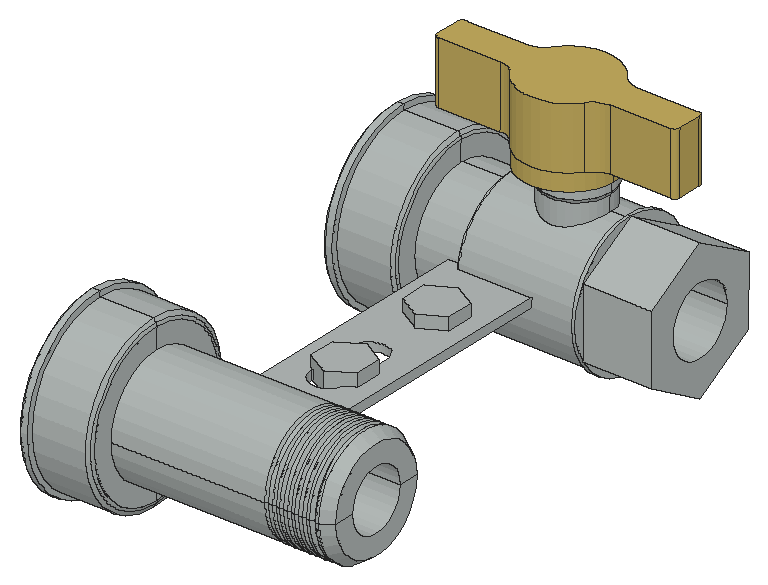
Revit family "QP07100000", category Apparecchi idraulici, Revit 2020
Family settings
  Quota connettore circolare = Usa diametro
  Tipo di parte = Normale
  Numero OmniClass = 23.45.00.00
  Titolo OmniClass = Sanitary, Laundry, and Cleaning Equipment
  Basato su piano di lavoro = No
  Sempre verticale = Sì
  Taglio con vuoti quando caricato = No
  Condiviso = No
  Punto di calcolo locali = No
Parameters
  URL = "https://web.cimberio.com/index.php/figura/923?subcategoria_id=95858"
  Temperatura di esercizio = "-20 ÷ 60°C"
  Prospetto di default = 0 mm
  Produttore = "CIMBERIO SPA"
  Pressione nominale = "MOP 5"
  Modello = "Cim 117G"
  Materiale = "Prodotto in lega di ottone conforme alla norma EN 12165-CW617N-DW"
  Descrizione = "Utilizzato nell’impiantistica distributiva di gas a bassa pressione per le categorie:\r\nGas naturali: gas derivati dal petrolio (Metano) e gas di ricambio.\r\nGas di città: prodotti secondo i diversi procedimenti (Cracking - Cokerie - ecc.).\r\nGas liquidi: propano e miscele di gas propano/butano"
  DN Model [instance] = QP07102155 : QP07102155
  DN [instance] = 20 mm
  Commenti sul tipo = "Realizzato in ottemperanza ai requisiti gestionali della norma EN ISO 9001.\r\nCollaudato al 100% secondo la normativa EN 12266-1"
Reference planes
  plane 1 "Centro (Fronte/Retro)": y = 0
  plane 2: z = 0
  plane 3 "Centro (Sinistra/Destra)": x = 0
Dimensions and locks
  aligned and locked: level to plane 2
Nested families
  nested 1: "QP07102155" at (0, 0, 0), type <- "DN Model", type "QP07102155"
  nested 2: "QP07102155" at (0, 0, 0), type <- "DN Model", type "QP07102155"
Connectors
  piping at (34, 0, 0), diameter 20, driven by "DN"
    settings: on nested 1, index 1, connector inside diameter 609.6 mm, connector length 0 mm, flow factor 0, pipe flow 0.0 L/s, pressure drop 0.0 Pa, fitting loss kfactor 0, connector angle 0.00°, fixture units 0, engagement length 0 mm, angle of deflection 0.00°, flow configuration 0, flow direction 0, fitting loss method 0, system type 7, joint type 0, gender type 0, connector reference index -1, connector utility 0, adjustable connector no, is connector primary yes, connector description ""
  piping at (30, -110, 0), diameter 20, driven by "DN"
    settings: on nested 1, index 2, connector inside diameter 609.6 mm, connector length 0 mm, flow factor 0, pipe flow 0.0 L/s, pressure drop 0.0 Pa, fitting loss kfactor 0, connector angle 0.00°, fixture units 0, engagement length 0 mm, angle of deflection 0.00°, flow configuration 0, flow direction 0, fitting loss method 0, system type 7, joint type 0, gender type 0, connector reference index -1, connector utility 0, adjustable connector no, is connector primary no, connector description ""
  piping at (-52.5, 0, 0), diameter 20, driven by "DN"
    settings: on nested 1, index 3, connector inside diameter 609.6 mm, connector length 0 mm, flow factor 0, pipe flow 0.0 L/s, pressure drop 0.0 Pa, fitting loss kfactor 0, connector angle 0.00°, fixture units 0, engagement length 0 mm, angle of deflection 0.00°, flow configuration 0, flow direction 0, fitting loss method 0, system type 7, joint type 0, gender type 0, connector reference index -1, connector utility 0, adjustable connector no, is connector primary no, connector description ""
  piping at (-51, -110, 0), diameter 20, driven by "DN"
    settings: on nested 1, index 4, connector inside diameter 609.6 mm, connector length 0 mm, flow factor 0, pipe flow 0.0 L/s, pressure drop 0.0 Pa, fitting loss kfactor 0, connector angle 0.00°, fixture units 0, engagement length 0 mm, angle of deflection 0.00°, flow configuration 0, flow direction 0, fitting loss method 0, system type 7, joint type 0, gender type 0, connector reference index -1, connector utility 0, adjustable connector no, is connector primary no, connector description ""
Definition of nested family "QP07102155"
  Parameters (values of type "QP07102155")
    URL = ""
    Temperatura di esercizio = ""
    Default Elevation = 0 mm
    Manufacturer = ""
    Pressione nominale = ""
    Model = ""
    Materiale = ""
    Description = ""
    Type Comments = ""
  Reference planes
    plane 1 "Centro (Fronte/Retro)": y = 0
    plane 2: z = 0
    plane 3 "Centro (Sinistra/Destra)": x = 0
  Forms (mm)
    Revolve 1, solid
      sketch origin (0, 0, 0) x (1, 0, 0) y (0, 0, 1)
        loop
          line (-19.6, -10) -> (-19.6, -18.75)
          arc (-19.6, -18.75) -> (-19.454, -19.104) -> (-19.1, -19.25) r 0.5
          line (-19.1, -19.25) -> (14.075, -19.25) -> (14.594, -20.15) -> (15.538, -20.15) -> (15.538, -10) -> (-19.6, -10)
        axis (-19.6, 0) -> (15.538, 0)
      angle from 0 to 360
    Revolve 2, solid
      sketch origin (0, 0, 0) x (1, 0, 0) y (0, 0, 1)
        loop
          line (0, 35.444) -> (0, 13.997) -> (9.5, 13.997) -> (9.5, 23.425)
          arc (9.5, 23.425) -> (9.789, 23.893) -> (10, 24.4) r 3.447
          line (10, 24.4) -> (10, 35.444) -> (0, 35.444)
        axis (0, 35.444) -> (0, 13.997)
      angle from 0 to 360
    Revolve 3, solid
      sketch origin (0, 0, 0) x (1, 0, 0) y (0, 0, 1)
        loop
          line (-33.634, 17) -> (-33.634, 10) -> (-19.6, 10) -> (-19.6, 17) -> (-33.634, 17)
        axis (-33.634, 0) -> (-19.6, 0)
      angle from 0 to 360
    Revolve 4, solid
      sketch origin (0, 0, 0) x (1, 0, 0) y (0, 0, 1)
        loop
          line (-52.5, 15) -> (-33.5, 15) -> (-33.5, 22.5)
          arc (-33.5, 22.5) -> (-33.564, 22.983) -> (-33.75, 23.433) r 1.867
          line (-33.75, 23.433) -> (-34.366, 24.5) -> (-50, 24.5) -> (-50, 26) -> (-51.883, 26) -> (-52.5, 25.5) -> (-52.5, 15)
        axis (-52.5, 0) -> (-33.5, 0)
      angle from 0 to 360
    Extrusion 5, solid
      sketch origin (0, 0, 0) x (0, 1, 0) y (0, 0, 1)
        loop
          circle (0, 0) r 10
        loop
          line (0, 20.15) -> (-17.45, 10.075) -> (-17.45, -10.075) -> (0, -20.15) -> (17.45, -10.075) -> (17.45, 10.075) -> (0, 20.15)
      from 15.538 to 35.5
    Revolve 6, solid
      sketch origin (0, -110, 0) x (1, 0, 0) y (0, 0, 1)
        loop
          line (-52.5, 15) -> (-33.5, 15) -> (-33.5, 22.5)
          arc (-33.5, 22.5) -> (-33.564, 22.983) -> (-33.75, 23.433) r 1.867
          line (-33.75, 23.433) -> (-34.366, 24.5) -> (-50, 24.5) -> (-50, 26) -> (-51.883, 26) -> (-52.5, 25.5) -> (-52.5, 15)
        axis (-52.5, 0) -> (-33.5, 0)
      angle from 0 to 360
    Revolve 7, solid
      sketch origin (-2.5, 0, 0) x (1, 0, 0) y (0, 0, 1)
        loop
          line (0, 38.174) -> (-13.134, 38.174) -> (-13.134, 27.256) -> (0, 27.256) -> (0, 38.174)
        axis (0, 38.174) -> (0, 27.256)
      angle from 0 to 360
    Extrusion 8, solid
      sketch origin (-2.5, 0, 0) x (1, 0, 0) y (0, 1, 0)
        loop
          arc (-33.14, 4.956) -> (-34.425, 4.681) -> (-35, 3.5) r 1.5
          line (-35, 3.5) -> (-35, -3.5)
          arc (-35, -3.5) -> (-34.561, -4.56) -> (-33.5, -5) r 1.5
          line (-33.5, -5) -> (-15.798, -5)
          arc (-15.798, -5) -> (-13.02, -5.681) -> (-10.874, -7.571) r 6
          arc (-10.874, -7.571) -> (0, -13.25) -> (10.874, -7.571) r 13.25
          arc (10.874, -7.571) -> (13.02, -5.681) -> (15.798, -5) r 6
          line (15.798, -5) -> (33.5, -5)
          arc (33.5, -5) -> (34.561, -4.56) -> (35, -3.5) r 1.5
          line (35, -3.5) -> (35, 3.5)
          arc (35, 3.5) -> (34.561, 4.561) -> (33.5, 5) r 1.5
          line (33.5, 5) -> (15.798, 5)
          arc (15.798, 5) -> (13.02, 5.682) -> (10.874, 7.572) r 6
          arc (10.874, 7.572) -> (0, 13.25) -> (-10.874, 7.572) r 13.25
          arc (-10.874, 7.572) -> (-13.02, 5.682) -> (-15.798, 5) r 6
          line (-15.798, 5) -> (-33.14, 4.956)
      from 32.3 to 50.3
    Revolve 9, solid
      sketch origin (0, 0, 0) x (1, 0, 0) y (0, 1, 0)
        loop
          line (-33.998, -93.25) -> (-33.998, -101.25) -> (30, -101.25) -> (30, -95.447) -> (26.616, -93.25) -> (25.807, -93.25) -> (24.775, -94.164) -> (24.247, -93.25) -> (23.327, -93.25) -> (22.699, -94.217) -> (22.14, -93.25) -> (21.027, -93.25) -> (20.405, -94.208) -> (19.852, -93.25) -> (18.931, -93.25) -> (18.303, -94.217) -> (17.745, -93.25) -> (16.631, -93.25) -> (16.009, -94.208) -> (15.456, -93.25) -> (14.536, -93.25) -> (13.907, -94.217) -> (13.349, -93.25) -> (12.236, -93.25) -> (11.614, -94.208) -> (11.061, -93.25) -> (-33.998, -93.25)
        axis (-33.998, -110) -> (30, -110)
      angle from 0 to 360
    Extrusion 10, solid
      sketch origin (-2.495, 0, 0) x (1, 0, 0) y (0, 1, 0)
        loop
          line (-21, -13.768) -> (-21, -93.925) -> (4.495, -93.925) -> (4.495, -13.768) -> (-21, -13.768)
        loop
          arc (-3.252, -61.494) -> (-8.252, -56.494) -> (-13.252, -61.494) r 5
          line (-13.252, -61.494) -> (-13.252, -76.494)
          arc (-13.252, -76.494) -> (-8.252, -81.494) -> (-3.252, -76.494) r 5
          line (-3.252, -76.494) -> (-3.252, -61.494)
      from 0 to 2.5
    Extrusion 11, solid
      sketch origin (-0.938, -1.406, 0) x (1, 0, 0) y (0, 1, 0)
        loop
          line (-9, -29.249) -> (-15.712, -33.124) -> (-15.712, -40.875) -> (-9, -44.751) -> (-2.288, -40.875) -> (-2.288, -33.124) -> (-9, -29.249)
      from 0 to 6
    Extrusion 12, solid
      sketch origin (-0.781, -34.534, 0) x (1, 0, 0) y (0, 1, 0)
        loop
          line (-9, -29.249) -> (-15.712, -33.124) -> (-15.712, -40.875) -> (-9, -44.751) -> (-2.288, -40.875) -> (-2.288, -33.124) -> (-9, -29.249)
      from 0 to 6
  Dimensions and locks
    aligned and locked: level to plane 2
